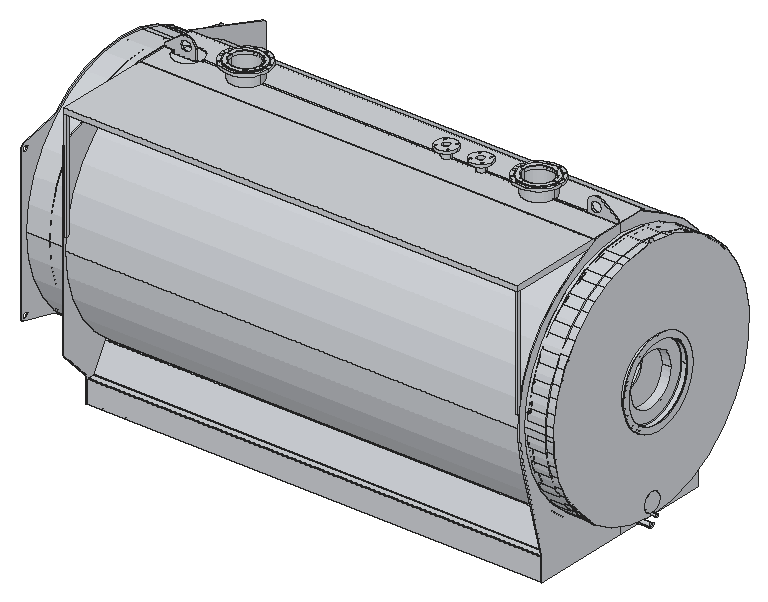
Revit family "BIMON_Котел_Водогрейный_TEMRON_WL5000", category Оборудование, Revit 2019 (continued)
Automatic sketch dimensions
  Extrusion 56 sketch curve to Extrusion 56 sketch curve = 0 mm  (x2)
  Extrusion 56 sketch curve to Extrusion 56 sketch curve = 91.881 mm  (x2)
  plane 13 to Extrusion 23 sketch curve = 270 mm
  plane 1 "По центру (Вперед/Назад)" to Extrusion 23 sketch curve = 269.988 mm
  Extrusion 22 sketch curve to plane 13 = 270 mm
  plane 13 to Extrusion 22 sketch curve = 270 mm
  plane 1 "По центру (Вперед/Назад)" to Extrusion 22 sketch curve = 269.988 mm
  Revolve 12 sketch curve to plane 15 = 171.583 mm
  Revolve 13 sketch curve to plane 15 = 247 mm
  Revolve 35 sketch curve to plane 15 = 353.017 mm
  plane 10 to Sweep 6 sketch curve = 1032 mm
  Sweep 6 sketch curve to Sweep 6 sketch curve = 350 mm
  plane 10 to Revolve 12 sketch curve = 939 mm
  plane 10 to Revolve 13 sketch curve = 1065.417 mm
  plane 10 to Extrusion 14 sketch curve = 1172 mm
  Revolve 29 sketch curve to Revolve 29 sketch curve = 490 mm
  Revolve 29 sketch curve to Revolve 29 sketch curve = 962 mm
  plane 10 to Revolve 34 sketch curve = 1374 mm
  Revolve 34 sketch curve to Revolve 34 sketch curve = 423 mm
  Revolve 34 sketch curve to Revolve 34 sketch curve = 720 mm
  plane 10 to Revolve 35 sketch curve = 1196 mm
  Revolve 35 sketch curve to Revolve 35 sketch curve = 1584.99 mm
  plane 10 to Extrusion 52 sketch curve = 1152 mm
  plane 3 "По центру (Влево/Вправо)" to Revolve 12 sketch curve = 342 mm
  plane 3 "По центру (Влево/Вправо)" to Revolve 13 sketch curve = 302 mm
  Extrusion 45 sketch curve to plane 3 "По центру (Влево/Вправо)" = 550 mm
  Extrusion 54 sketch curve to plane 3 "По центру (Влево/Вправо)" = 548 mm
  Revolve 24 sketch curve to Revolve 24 sketch curve = 204.32 mm
  Revolve 25 sketch curve to Revolve 25 sketch curve = 89 mm  (x2)
  Revolve 25 sketch curve to Revolve 25 sketch curve = 46 mm
  Revolve 11 sketch curve to plane 3 "По центру (Влево/Вправо)" = 1263 mm
  Revolve 11 sketch curve to Revolve 11 sketch curve = 94.377 mm
  Revolve 16 sketch curve to plane 3 "По центру (Влево/Вправо)" = 1620 mm
  Revolve 16 sketch curve to Revolve 16 sketch curve = 170 mm
  Revolve 16 sketch curve to plane 3 "По центру (Влево/Вправо)" = 780 mm
  Extrusion 18 sketch curve to plane 3 "По центру (Влево/Вправо)" = 1620 mm
  Extrusion 18 sketch curve to Extrusion 18 sketch curve = 204 mm
  Extrusion 19 sketch curve to plane 3 "По центру (Влево/Вправо)" = 1620 mm
  Extrusion 19 sketch curve to Extrusion 19 sketch curve = 204.32 mm
  Extrusion 20 sketch curve to plane 3 "По центру (Влево/Вправо)" = 1620 mm
  Extrusion 21 sketch curve to plane 3 "По центру (Влево/Вправо)" = 1620 mm
  Revolve 24 sketch curve to plane 3 "По центру (Влево/Вправо)" = 1620 mm
  Revolve 24 sketch curve to Revolve 24 sketch curve = 345.68 mm
  Revolve 25 sketch curve to plane 3 "По центру (Влево/Вправо)" = 1416 mm
  Revolve 25 sketch curve to Revolve 25 sketch curve = 211 mm
  Extrusion 46 sketch curve to plane 3 "По центру (Влево/Вправо)" = 1048 mm
  Extrusion 52 sketch curve to plane 3 "По центру (Влево/Вправо)" = 1230 mm
  Extrusion 53 sketch curve to plane 3 "По центру (Влево/Вправо)" = 1250 mm
  Extrusion 53 sketch curve to Extrusion 53 sketch curve = 142.661 mm
  Revolve 55 sketch curve to plane 3 "По центру (Влево/Вправо)" = 745 mm
  Extrusion 56 sketch curve to plane 3 "По центру (Влево/Вправо)" = 719.452 mm
  level to Revolve 57 sketch curve = 261.834 mm
  plane 10 to Revolve 57 sketch curve = 1454 mm
  Revolve 57 sketch curve to Revolve 57 sketch curve = 50 mm
  Revolve 57 sketch curve to Revolve 57 sketch curve = 10 mm
  Revolve 57 sketch curve to Revolve 57 sketch curve = 0 mm  (x2)
  Revolve 57 sketch curve to Revolve 57 sketch curve = 20 mm
  radius of Extrusion 1 sketch curve = 1085 mm
  radius of Extrusion 1 sketch curve = 1090 mm
  radius of Extrusion 2 sketch curve = 1035 mm
  radius of Extrusion 2 sketch curve = 1025 mm
  radius of Extrusion 3 sketch curve = 1025 mm
  radius of Extrusion 3 sketch curve = 225 mm
  radius of Sweep 6 sketch curve = 21 mm
  radius of Sweep 6 sketch curve = 18 mm
  radius of Extrusion 7 sketch curve = 860 mm
  radius of Extrusion 7 sketch curve = 1025 mm
  radius of Extrusion 9 sketch curve = 9 mm  (x2)
  radius of Extrusion 14 sketch curve = 45 mm
  radius of Extrusion 15 sketch curve = 1045 mm
  radius of Extrusion 15 sketch curve = 1053 mm
  radius of Extrusion 17 sketch curve = 225 mm
  radius of Extrusion 17 sketch curve = 27 mm  (x4)
  radius of Extrusion 26 sketch curve = 1035 mm
  radius of Extrusion 27 sketch curve = 1025 mm
  radius of Extrusion 28 sketch curve = 1046 mm
  radius of Extrusion 28 sketch curve = 1051 mm
  radius of Extrusion 30 sketch curve = 12.5 mm
  radius of Extrusion 31 sketch curve = 328 mm
  radius of Extrusion 31 sketch curve = 331 mm
  radius of Extrusion 32 sketch curve = 325 mm
  radius of Extrusion 32 sketch curve = 355 mm
  radius of Extrusion 33 sketch curve = 225 mm
  radius of Extrusion 36 sketch curve = 80 mm
  radius of Extrusion 37 sketch curve = 136.5 mm
  radius of Extrusion 37 sketch curve = 125 mm
  radius of Extrusion 38 sketch curve = 167.5 mm
  radius of Extrusion 38 sketch curve = 125 mm
  radius of Extrusion 40 sketch curve = 9 mm  (x2)
  radius of Extrusion 42 sketch curve = 325 mm
  radius of Extrusion 42 sketch curve = 375 mm
  radius of Extrusion 42 sketch curve = 5.5 mm  (x10)
  radius of Extrusion 44 sketch curve = 125 mm
  radius of Extrusion 45 sketch curve = 136.5 mm
  radius of Extrusion 45 sketch curve = 125 mm
  radius of Extrusion 46 sketch curve = 125 mm
  radius of Extrusion 47 sketch curve = 32.5 mm
  radius of Extrusion 47 sketch curve = 38 mm
  radius of Extrusion 48 sketch curve = 32.5 mm
  radius of Extrusion 48 sketch curve = 38 mm
  radius of Extrusion 49 sketch curve = 92.5 mm
  radius of Extrusion 49 sketch curve = 9 mm  (x4)
  radius of Extrusion 50 sketch curve = 92.5 mm
  radius of Extrusion 50 sketch curve = 9 mm  (x4)
  radius of Extrusion 53 sketch curve = 45 mm
  radius of Extrusion 54 sketch curve = 167.5 mm
  radius of Extrusion 54 sketch curve = 125 mm
  radius of Extrusion 56 sketch curve = 13 mm  (x12)
Nested families
  nested 1: "Надпись_Temron_крышка_WL5000" at (-1630, -636.813, 1809.597) x (0, -1, 0) z (1, 0, 0), type "Надпись_Temron_крышка_WL5000", detail levels fine
  nested 2: "Надпись_Temron_бак_WL5000" at (800, 1.262, 1305.004) x (-1, 0, 0) z (0, 0, 1), type "Надпись_Temron_бак_WL5000", detail levels fine
  nested 3: "УГО_Котел_Разрез" at (725, 0, 0), visible <- "УГО", type "УГО_Котел_Разрез", detail levels coarse+medium
    with H 5000 mm
Connectors
  piping at (3032, 0, 261.834), diameter 15, driven by "D4_Дренажный патрубок газового котла"
    settings: on Revolve 57, index 22, connector inside diameter 609.6 mm, connector length 0 mm, flow factor 0, pipe flow 0.0 L/s, pressure drop 0.0 Pa, fitting loss kfactor 0, connector angle 0.00°, fixture units 0, engagement length 0 mm, angle of deflection 0.00°, flow configuration 1, flow direction 1, fitting loss method 0, system type 29, joint type 0, gender type 0, connector reference index -1, connector utility 0, adjustable connector no, is connector primary yes, connector description ""
  piping at (2985, 0, 170), diameter 32, driven by "D3_Дренажный патрубок"
    settings: on Sweep 6, index 23, connector inside diameter 609.6 mm, connector length 0 mm, flow factor 0, pipe flow 0.0 L/s, pressure drop 0.0 Pa, fitting loss kfactor 0, connector angle 0.00°, fixture units 0, engagement length 0 mm, angle of deflection 0.00°, flow configuration 1, flow direction 1, fitting loss method 0, system type 29, joint type 0, gender type 0, connector reference index -1, connector utility 0, adjustable connector no, is connector primary no, connector description ""
  piping at (2002, 0, 2557), diameter 250, driven by "D1_Вход теплоносителя"
    settings: on cut or joined group of Extrusion 37, Extrusion 44, Extrusion 46, index 24, connector inside diameter 609.6 mm, connector length 0 mm, flow factor 0, pipe flow 0.0 L/s, pressure drop 0.0 Pa, fitting loss kfactor 0, connector angle 0.00°, fixture units 0, engagement length 0 mm, angle of deflection 0.00°, flow configuration 0, flow direction 0, fitting loss method 0, system type 29, joint type 0, gender type 0, connector reference index -1, connector utility 0, adjustable connector no, is connector primary no, connector description ""
  piping at (-548, 0, 2557), diameter 250, driven by "D1_Выход теплоносителя"
    settings: on cut or joined group of Extrusion 54, Extrusion 56, index 25, connector inside diameter 609.6 mm, connector length 0 mm, flow factor 0, pipe flow 0.0 L/s, pressure drop 0.0 Pa, fitting loss kfactor 0, connector angle 0.00°, fixture units 0, engagement length 0 mm, angle of deflection 0.00°, flow configuration 0, flow direction 0, fitting loss method 0, system type 29, joint type 0, gender type 0, connector reference index -1, connector utility 0, adjustable connector no, is connector primary no, connector description ""
  piping at (1200, 0, 2511), diameter 65, driven by "D2_Аварийная линия"
    settings: on Extrusion 50, index 26, connector inside diameter 609.6 mm, connector length 0 mm, flow factor 0, pipe flow 0.0 L/s, pressure drop 0.0 Pa, fitting loss kfactor 0, connector angle 0.00°, fixture units 0, engagement length 0 mm, angle of deflection 0.00°, flow configuration 0, flow direction 0, fitting loss method 0, system type 29, joint type 0, gender type 0, connector reference index -1, connector utility 0, adjustable connector no, is connector primary no, connector description ""
  piping at (1500, 0, 2511), diameter 65, driven by "D2_Аварийная линия"
    settings: on Extrusion 49, index 27, connector inside diameter 609.6 mm, connector length 0 mm, flow factor 0, pipe flow 0.0 L/s, pressure drop 0.0 Pa, fitting loss kfactor 0, connector angle 0.00°, fixture units 0, engagement length 0 mm, angle of deflection 0.00°, flow configuration 0, flow direction 0, fitting loss method 0, system type 29, joint type 0, gender type 0, connector reference index -1, connector utility 0, adjustable connector no, is connector primary no, connector description ""
  hvac at (3044, 0, 1305), driven by "D5_Уходящие газы"
    settings: on Extrusion 42, index 28, duct flow 0.0 L/s, flow factor 0, pres drop 0.0 Pa, loss coef 0, conn angle 0.00°, conn width 304.8 mm, conn height 304.8 mm, conn diameter 720 mm, duct sys type 29, conn prof type 0, flow config 1, flow direction 2, loss method 0, conn ref index -1, conn util no, is conn primary yes, conn desc ""
Definition of nested family "Надпись_Temron_крышка_WL5000"
  Parameters (values of type "Надпись_Temron_крышка_WL2000")
    Default Elevation = 1219.2 mm
    Красный = none
    Белый = none
  Reference planes
    plane 1 "По центру (Вперед/Назад)": y = 0
    plane 2: z = 0
    plane 3 "По центру (Влево/Вправо)": x = 0
    plane 4: z = -0.5
    plane 5: z = -1
  Forms (mm)
    Extrusion 1, solid
      sketch origin (0, 0, 0) x (1, 0, 0) y (0, 1, 0)
        loop
          line (-1219.2, 1219.2) -> (-1219.2, -1219.2) -> (1300.204, -1219.2) -> (1300.204, 1219.2) -> (-1219.2, 1219.2)
      from 0 to -304.8
    Extrusion 2, solid, material <- "Белый"
      sketch origin (0, 0, 0) x (1, 0, 0) y (0, 1, 0)
        loop
          line (-220, 53.122) -> (-220, -53.122) -> (220, -53.122) -> (220, 53.122) -> (-220, 53.122)
      from -0.5 to 0
    Extrusion 3, solid, material <- "Красный"
      sketch origin (0, 0, 0) x (1, 0, 0) y (0, 1, 0)
        loop
          line (-220, -31.601) -> (-157.392, -31.601) -> (-157.392, -18.32) -> (-176.364, -18.32) -> (-176.364, 32.905) -> (-183.953, 32.905) -> (-193.439, 32.905) -> (-193.439, -18.32) -> (-220, -18.32) -> (-220, -31.601)
        loop
          line (-147.615, -31.601) -> (-101.891, -31.601) -> (-101.891, -18.32) -> (-132.246, -18.32) -> (-132.246, -5.04) -> (-105.685, -5.04) -> (-105.685, 6.344) -> (-132.246, 6.344) -> (-132.246, 19.624) -> (-101.891, 19.624) -> (-101.891, 32.905) -> (-147.615, 32.905) -> (-147.615, -31.601)
        loop
          line (-90.585, -31.601) -> (-73.116, -31.601) -> (-55.576, -6.55) -> (-37.439, -31.601) -> (-20.388, -31.601) -> (-20.388, 32.905) -> (-20.388, 53.122) -> (-37.463, 53.122) -> (-37.463, -5.04) -> (-50.966, 13.61) -> (-60.452, 13.61) -> (-73.51, -5.04) -> (-73.51, 32.905) -> (-90.585, 32.905) -> (-90.585, -31.601)
        loop
          line (-7.139, -31.601) -> (30.11, -31.601)
          spline (30.11, -31.601) -> (34.261, -30.52) -> (38.111, -28.257) -> (41.427, -24.95) -> (44.008, -20.799) -> (45.697, -16.054) -> (46.392, -11.004) -> (46.052, -5.954) -> (44.696, -1.209) -> (42.407, 2.942) -> (39.324, 6.25) -> (35.633, 8.512) -> (31.557, 9.593)
          line (31.557, 9.593) -> (47.88, 32.905) -> (31.035, 32.905) -> (18.393, 14.849)
          arc (18.393, 14.849) -> (12.019, 12.685) -> (8.039, 18.114) r 5.692
          line (8.039, 18.114) -> (8.039, 32.905) -> (-7.139, 32.905) -> (-7.139, -31.601)
        loop
          line (131.704, -31.601) -> (146.882, -31.601) -> (177.186, 11.679) -> (177.186, -31.601) -> (194.261, -31.601) -> (194.261, 32.905) -> (172.794, 32.905) -> (148.779, -1.393) -> (148.779, 32.905) -> (131.704, 32.905) -> (131.704, -31.601)
        loop
          line (8.039, 0) -> (8.039, -17.075) -> (21.529, -17.075)
          arc (21.529, -17.075) -> (30.066, -8.537) -> (21.529, 0) r 8.537
          line (21.529, 0) -> (8.039, 0)
        loop
          spline (87.581, -19.624) -> (92, -18.955) -> (96.119, -16.995) -> (99.655, -13.876) -> (102.369, -9.812) -> (104.074, -5.079) -> (104.656, 0) -> (104.074, 5.079) -> (102.369, 9.812) -> (99.655, 13.876) -> (96.119, 16.995) -> (92, 18.955) -> (87.581, 19.624)
          spline (87.581, 19.624) -> (83.162, 18.955) -> (79.044, 16.995) -> (75.507, 13.876) -> (72.794, 9.812) -> (71.088, 5.079) -> (70.506, 0) -> (71.088, -5.079) -> (72.794, -9.812) -> (75.507, -13.876) -> (79.044, -16.995) -> (83.162, -18.955) -> (87.581, -19.624)
        loop
          spline (87.581, -32.905) -> (95.929, -31.783) -> (103.708, -28.496) -> (110.387, -23.267) -> (115.513, -16.452) -> (118.735, -8.516) -> (119.834, 0) -> (118.735, 8.516) -> (115.513, 16.452) -> (110.387, 23.267) -> (103.708, 28.496) -> (95.929, 31.783) -> (87.581, 32.905)
          spline (87.581, 32.905) -> (79.234, 31.783) -> (71.455, 28.496) -> (64.775, 23.267) -> (59.649, 16.452) -> (56.427, 8.516) -> (55.328, 0) -> (56.427, -8.516) -> (59.649, -16.452) -> (64.775, -23.267) -> (71.455, -28.496) -> (79.234, -31.783) -> (87.581, -32.905)
      from -0.5 to -1
  Dimensions and locks
    level to plane 4 = 0.5 mm
    level to plane 5 = 1 mm
    aligned and locked: plane 2 to Extrusion 1
    aligned and locked: level to Extrusion 1
    aligned and locked: level to Extrusion 2
    aligned and locked: Extrusion 2 to plane 4
    aligned and locked: Extrusion 2 to Extrusion 3
    aligned and locked: Extrusion 3 to plane 5
Definition of nested family "Надпись_Temron_бак_WL5000"
  Parameters (values of type "Надпись_Temron_бак_WL2000")
    Default Elevation = 1219.2 mm
    Красный = none
  Reference planes
    plane 1 "По центру (Вперед/Назад)": y = 0
    plane 2: z = 0
    plane 3 "По центру (Влево/Вправо)": x = 0
    plane 4: x = -600
    plane 5: x = 600
    plane 6: z = 150
    plane 7: z = -150
    plane 8: y = -500
  Forms (mm)
    Extrusion 1, solid, material <- "Красный"
      sketch origin (4267.2, -500, 603.455) x (0, 0, 1) y (1, 0, 0)
        loop
          line (-280.476, -5559.115) -> (-280.476, -2975.285) -> (-926.433, -2975.285) -> (-926.433, -4351.901) -> (-814.613, -4351.901) -> (-424.497, -4351.901) -> (-424.497, -4455.021) -> (-575.997, -4564.711) -> (-424.497, -4670.793) -> (-424.497, -4776.439) -> (-814.613, -4776.439) -> (-814.613, -4673.173) -> (-585.133, -4673.173) -> (-697.92, -4594.199) -> (-697.92, -4536.829) -> (-585.133, -4455.167) -> (-926.433, -4455.167) -> (-926.433, -5559.115) -> (-504.815, -5559.115) -> (-504.815, -5398.479) -> (-814.613, -5398.479) -> (-814.613, -5295.213) -> (-504.815, -5295.213) -> (-504.815, -5180.473) -> (-424.497, -5180.473) -> (-424.497, -5559.115) -> (-280.476, -5559.115)
        loop
          line (-424.497, -5121.347) -> (-424.497, -4844.813) -> (-504.815, -4844.813) -> (-504.815, -5028.397) -> (-585.133, -5028.397) -> (-585.133, -4867.761) -> (-653.977, -4867.761) -> (-653.977, -5028.397) -> (-734.295, -5028.397) -> (-734.295, -4844.813) -> (-814.613, -4844.813) -> (-814.613, -5121.347) -> (-424.497, -5121.347)
        loop
          line (-814.613, -4271.775) -> (-424.497, -4271.775) -> (-424.497, -4046.502)
          spline (-424.497, -4046.502) -> (-431.034, -4021.394) -> (-444.717, -3998.109) -> (-464.718, -3978.057) -> (-489.826, -3962.45) -> (-518.52, -3952.235) -> (-549.063, -3948.03) -> (-579.606, -3950.088) -> (-608.3, -3958.287) -> (-633.408, -3972.129) -> (-653.408, -3990.776) -> (-667.092, -4013.1) -> (-673.629, -4037.748)
          line (-673.629, -4037.748) -> (-814.613, -3939.029) -> (-814.613, -4040.904) -> (-705.417, -4117.365)
          arc (-705.417, -4117.365) -> (-692.331, -4155.912) -> (-725.16, -4179.983) r 34.422
          line (-725.16, -4179.983) -> (-814.613, -4179.983) -> (-814.613, -4271.775)
        loop
          arc (-512.346, -4098.398) -> (-563.979, -4046.765) -> (-615.612, -4098.398) r 51.633
          line (-615.612, -4098.398) -> (-615.612, -4179.983) -> (-512.346, -4179.983) -> (-512.346, -4098.398)
        loop
          spline (-496.929, -3698.926) -> (-500.974, -3672.199) -> (-512.83, -3647.293) -> (-531.691, -3625.906) -> (-556.271, -3609.495) -> (-584.895, -3599.179) -> (-615.612, -3595.66) -> (-646.33, -3599.179) -> (-674.954, -3609.495) -> (-699.534, -3625.906) -> (-718.395, -3647.293) -> (-730.251, -3672.199) -> (-734.295, -3698.926)
          spline (-734.295, -3698.926) -> (-730.251, -3725.653) -> (-718.395, -3750.559) -> (-699.534, -3771.946) -> (-674.954, -3788.357) -> (-646.33, -3798.673) -> (-615.612, -3802.192) -> (-584.895, -3798.673) -> (-556.271, -3788.357) -> (-531.691, -3771.946) -> (-512.83, -3750.559) -> (-500.974, -3725.653) -> (-496.929, -3698.926)
        loop
          spline (-416.611, -3698.926) -> (-423.392, -3648.441) -> (-443.273, -3601.397) -> (-474.897, -3560.999) -> (-516.112, -3530.001) -> (-564.107, -3510.514) -> (-615.612, -3503.868) -> (-667.117, -3510.514) -> (-715.113, -3530.001) -> (-756.327, -3560.999) -> (-787.952, -3601.397) -> (-807.832, -3648.441) -> (-814.613, -3698.926)
          spline (-814.613, -3698.926) -> (-807.832, -3749.411) -> (-787.952, -3796.455) -> (-756.327, -3836.853) -> (-715.113, -3867.851) -> (-667.117, -3887.337) -> (-615.612, -3893.984) -> (-564.107, -3887.337) -> (-516.112, -3867.851) -> (-474.897, -3836.853) -> (-443.273, -3796.455) -> (-423.392, -3749.411) -> (-416.611, -3698.926)
        loop
          line (-814.613, -3432.081) -> (-424.497, -3432.081) -> (-424.497, -3340.289) -> (-686.243, -3157.012) -> (-424.497, -3157.012) -> (-424.497, -3053.746) -> (-814.613, -3053.746) -> (-814.613, -3183.576) -> (-607.189, -3328.815) -> (-814.613, -3328.815) -> (-814.613, -3432.081)
      from 0 to -1163.358
    Extrusion 2, void
      sketch origin (0, 366.649, -506.998) x (0, 1, 0) y (0, 0, 1)
        loop
          circle (-366.649, 506.998) r 1090
      from -1351.217 to 1540.529
    Extrusion 3, void
      sketch origin (0, 0, 0) x (0, 1, 0) y (0, 0, 1)
        loop
          circle (0, 0) r 2000
        loop
          circle (0, 0) r 1091
      from -1499.991 to 2891.915
  Cuts and joins
    Extrusion 2, Extrusion 3 cuts Extrusion 1
  Dimensions and locks
    plane 5 to plane 3 "По центру (Влево/Вправо)" to plane 4 = 600 mm, 600 mm
    plane 6 to level = 150 mm
    level to plane 7 = 150 mm
    plane 8 to plane 1 "По центру (Вперед/Назад)" = 500 mm
    aligned and locked: level to plane 2
Definition of nested family "УГО_Котел_Разрез"
  Parameters (values of type "УГО_Котел_Разрез")
    H [instance] = 250 mm
  Reference planes
    plane 1 "По центру (Вперед/Назад)": y = 0
    plane 2: z = 0
    plane 3 "По центру (Влево/Вправо)": x = 0
  Lines and regions (mm)
    detail lines, in view "Опорный уровень"
      curve 1: line (-125, 125, 0) -> (125, 125, 0)
      curve 2: line (-125, -125, 0) -> (-125, 125, 0)
      curve 3: line (125, -125, 0) -> (-125, -125, 0)
      curve 4: line (125, 125, 0) -> (125, -125, 0)
  Dimensions and locks
    equal spacing: curve 2, plane 3 "По центру (Влево/Вправо)", curve 4
    equal spacing: curve 3, plane 1 "По центру (Вперед/Назад)", curve 1
    "H": curve 1 to curve 3
    "H": curve 2 to curve 4
